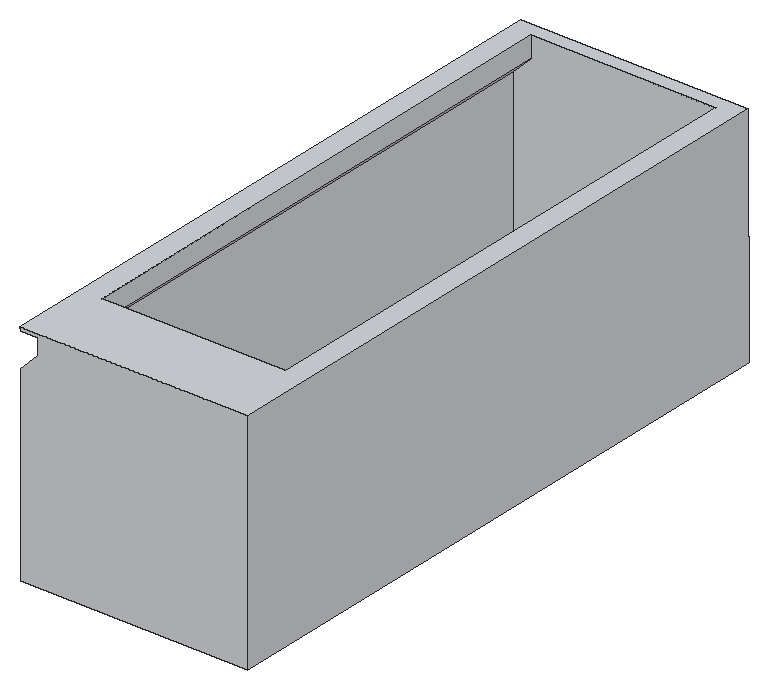
Revit family "Shower_Cabinet-Willoughby-US-3232-R", category Plumbing Fixtures, Revit 2015
Parameters (values of type "Standard")
  Waste Radius = Waste DIA / 2  # 1"
  Waste DIA = 2"
  Waste Connection = yes
  Vent Connection = no
  URL = "https://www.willoughby-ind.com/wp-content/uploads/2018/01/US-3636.pdf"
  Revision = "A"
  Model = "US-3232-R"
  Manufacturer = "Willoughby Industries"
  HW Connection = no
  HCW Inlet RAD = HCW Inlet DIA / 2  # 1/4"
  HCW Inlet DIA = 1/2"
  HCW Connection = yes
  Fixture Body = Stainless Steel AISI 304-Willoughby
  Description = "US 32\" X 32\" Series Cabinet Shower, Right Hand"
  Default Elevation = 0' - 0"
  Contact info = "(800) 428-4065"
  CW Connection = no
Reference planes (in)
  plane 1 "Center (Front/Back)": y = 0
  plane 2: z = 0
  plane 3 "Center (Left/Right)": x = 0
  plane 4: y = 88
  plane 5: x = -16
  plane 6: x = 16
  plane 7: z = 32
  plane 8: z = 16
  plane 9 "Waste Height": y = 6.5
Forms (in)
  Extrusion 1, solid
    sketch origin (0, 0, 0) x (1, 0, 0) y (0, 0, 1)
      loop
        line (-16, 0) -> (16, 0) -> (16, 32) -> (-16, 32) -> (-16, 31.5) -> (-13.5, 31.5) -> (-13.5, 29.20711) -> (-16, 26.70711) -> (-16, 0)
    from 0 to -88
  Extrusion 2, void, detail levels fine
    sketch origin (0, 0, 0) x (1, 0, 0) y (0, 0, 1)
      loop
        line (-15.5, 0.5) -> (15.5, 0.5) -> (15.5, 26.5) -> (13, 29) -> (-13, 29) -> (-15.5, 26.5) -> (-15.5, 0.5)
    from -9 to -10.5
  Extrusion 3, void, detail levels fine
    sketch origin (0.89838, 0, 1.72188) x (1, 0, 0) y (0, 0, 1)
      loop
        circle (-0.89838, 14.27812) r 2
    from -8.61062 to -9
  Extrusion 4, solid
    sketch origin (0, 0, 0) x (1, 0, 0) y (0, 1, 0)
      loop
        circle (0, 6.5) r 1
    from 0 to 5.55813
  Extrusion 5, solid
    sketch origin (15.61612, 0, 26.38388) x (-0.707107, 0, 0.707107) y (0, 1, 0)
      loop
        circle (1.93198, 81) r 0.75
    from 0 to 2
  Extrusion 6, void
    sketch origin (0, 10.5, 0) x (-1, 0, 0) y (0, 0, 1)
      loop
        line (-13, 32) -> (-13, 29) -> (-15.5, 26.5) -> (-15.5, 0.5) -> (15.5, 0.5) -> (15.5, 26.5) -> (13, 29) -> (13, 32) -> (-13, 32)
    from 0 to 75.5
Cuts and joins
  Extrusion 2, Extrusion 3, Extrusion 6 cuts Extrusion 1
Lines and regions (in)
  model lines, detail levels coarse+medium
    curve 1: line (-16, 0, 0) -> (16, 0, 0)
  symbolic lines
    curve 2: line (-16, 0, 0) -> (-16, 88, 0)
    curve 3: line (-16, 88, 0) -> (16, 88, 0)
    curve 4: line (16, 88, 0) -> (16, 0, 0)
    curve 5: line (16, 0, 0) -> (-16, 0, 0)
    curve 6: line (-13.5, 0, 0) -> (-13.5, 88, 0)
    curve 18: line (16, 0, 0) -> (16, 0, 32)
    curve 19: line (16, 0, 32) -> (-16, 0, 32)
    curve 20: line (-16, 0, 32) -> (-16, 0, 31.5)
    curve 21: line (-16, 0, 31.5) -> (-13.5, 0, 31.5)
    curve 22: line (-13.5, 0, 31.5) -> (-13.5, 0, 29.20711)
    curve 23: line (-13.5, 0, 29.20711) -> (-16, 0, 26.70711)
    curve 24: line (-16, 0, 26.70711) -> (-16, 0, 0)
    curve 25: line (0, 0, 0) -> (0, 88, 0)
    curve 26: line (0, 88, 0) -> (0, 88, 32)
    curve 27: line (0, 88, 32) -> (0, 0, 32)
    curve 28: line (0, 0, 32) -> (0, 0, 0)
  symbolic lines, detail levels medium+fine
    curve 7: line (-15.5, 9, 0) -> (-15.5, 86, 0)
    curve 8: line (-15.5, 86, 0) -> (15.5, 86, 0)
    curve 9: line (15.5, 86, 0) -> (15.5, 9, 0)
    curve 10: line (15.5, 9, 0) -> (-15.5, 9, 0)
    curve 11: line (-13, 9, 0) -> (-13, 86, 0)
    curve 12: line (13, 86, 0) -> (13, 9, 0)
    curve 17: line (13, 10.5, 0) -> (-13, 10.5, 0)
    curve 29: line (0, 0, 31.5) -> (0, 88, 31.5)
    curve 30: line (0, 0, 29.20711) -> (0, 88, 29.20711)
    curve 31: line (0, 0, 26.70711) -> (0, 88, 26.70711)
  symbolic lines, detail levels fine
    curve 13: circle (0, 50.98606, 0) r 0.74987 normal (0, 0, 1)
    curve 14: line (12.82213, 80.25409, 0) -> (13, 80.25409, 0)
    curve 15: line (13, 81.75409, 0) -> (12.82213, 81.75409, 0)
    curve 16: spline (12.82213, 81.75409, 0) -> (12.69272, 81.72853, 0) -> (12.57213, 81.65361, 0) -> (12.46858, 81.53442, 0) -> (12.38912, 81.37909, 0) -> (12.33917, 81.1982, 0) -> (12.32213, 81.00409, 0) -> (12.33917, 80.80998, 0) -> (12.38912, 80.62909, 0) -> (12.46858, 80.47376, 0) -> (12.57213, 80.35457, 0) -> (12.69272, 80.27965, 0) -> (12.82213, 80.25409, 0)
Dimensions and locks (in)
  cut or joined group of Extrusion 1, Extrusion 2, Extrusion 3, Extrusion 6 to plane 1 "Center (Front/Back)" = 0' - 9"
  plane 1 "Center (Front/Back)" to plane 9 "Waste Height" = 0' - 6 1/2"
  Extrusion 5 sketch curve to cut or joined group of Extrusion 1, Extrusion 2, Extrusion 3, Extrusion 6 = 6' - 0"
  locked: cut or joined group of Extrusion 1, Extrusion 2, Extrusion 3, Extrusion 6 to plane 3 "Center (Left/Right)" at 16
  locked: plane 3 "Center (Left/Right)" to cut or joined group of Extrusion 1, Extrusion 2, Extrusion 3, Extrusion 6 at 16
  locked: level to Extrusion 1 sketch curve at 32
  cut or joined group of Extrusion 1, Extrusion 2, Extrusion 3, Extrusion 6 to Extrusion 5 = 6' - 0"
  locked: plane 1 "Center (Front/Back)" to plane 4 at 88
  locked: plane 5 to plane 6 at 32
  locked: plane 9 "Waste Height" to cut or joined group of Extrusion 1, Extrusion 2, Extrusion 3, Extrusion 6 at 2.5
  locked: Extrusion 2 sketch curve to Extrusion 2 sketch curve (angle 45.00°)  (x2)
  aligned and locked: Extrusion 1 to plane 4
  aligned: plane 5 to Extrusion 1
  aligned and locked: level to Extrusion 1 sketch curve
  aligned and locked: Extrusion 6 sketch curve to cut or joined group of Extrusion 1, Extrusion 2, Extrusion 3, Extrusion 6  (x7)
  aligned and locked: cut or joined group of Extrusion 1, Extrusion 2, Extrusion 3, Extrusion 6 to Extrusion 6 sketch curve
  aligned and locked: cut or joined group of Extrusion 1, Extrusion 2, Extrusion 3, Extrusion 6 to cut or joined group of Extrusion 1, Extrusion 2, Extrusion 3, Extrusion 6
  aligned and locked: curve 1 to cut or joined group of Extrusion 1, Extrusion 2, Extrusion 3, Extrusion 6
Connectors (in)
  piping at (0, 6.5, 0), diameter 2, driven by "Waste Connection", driven by "Waste Radius"
    settings: on Extrusion 4, index 2, connector inside diameter 2", connector length 0' - 0", flow factor 0, pipe flow 0 GPM, pressure drop 0.00 psi, fitting loss kfactor 0, connector angle 0.00°, fixture units 0, engagement length 0' - 0", angle of deflection 0.00°, flow configuration 0, flow direction 2, fitting loss method 0, system type 16, joint type 0, gender type 0, connector reference index -1, connector utility 1, adjustable connector yes, is connector primary yes, connector description "Shower Drain"
